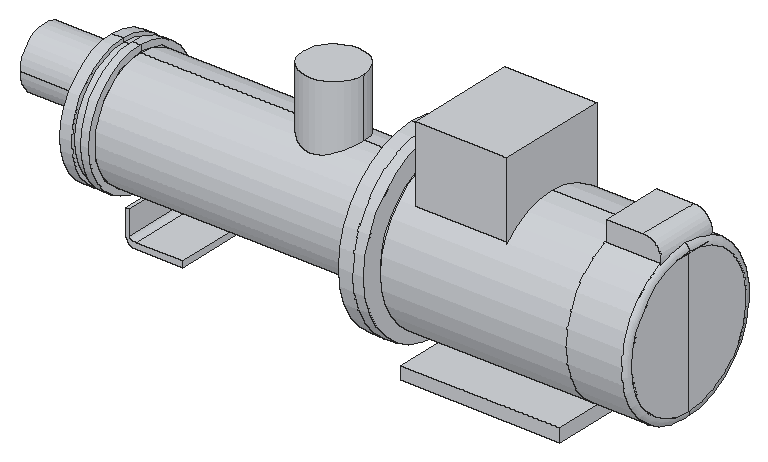
Revit family "Винтовой насос Бурун", category Оборудование, Revit 2020
Family settings
  Размер круглого соединителя = Использовать диаметр
  Классификация = Нет
  Тип детали = Нормальный
  На основе рабочей плоскости = Нет
  Всегда вертикально = Нет
  При загрузке вырезать с полостями = Нет
  Общий = Нет
  Точка расчета площади = Нет
Parameters
  Правое исполнение [instance] = yes
  Отметка по умолчанию = 0 mm
  Материал фильтроэлемента = Сталь 08X18H10T (AISI 321) Красная
  Материал аппарата = Сталь 08X18H10T (AISI 321) Синяя
  Левое исполнение [instance] = yes
  Изготовитель = "ООО \"НПК \"Акватроник\""
  ADSK_Примечание [instance] = ""
  ADSK_Позиция [instance] = "22"
  ADSK_Наименование = "Насос винтовой для осадка производительность 3,0 м3/ч, напор 40,0 м, N=0,75 кВт (1 рабочий и 1 резервный)"
  ADSK_Масса_Текст [instance] = "18"
  ADSK_Завод-изготовитель [instance] = "ООО \"НПК \"Акватроник\""
  ADSK_Единица измерения = "шт."
Reference planes
  plane 1 "По центру (Вперед/Назад)": y = 0
  plane 2: z = 250
  plane 3 "По центру (Влево/Вправо)": x = -117.856
  plane 4: z = 1700
  plane 5 "1б": y = 0
Forms (mm)
  Revolve 1, solid
    sketch origin (-2083, 0, -2604) x (1, 0, 0) y (0, 0, 1)
      loop
        line (1767.611, 2936.012) -> (1767.611, 2877.995) -> (1777.611, 2877.995) -> (1777.611, 2881.166) -> (1785.639, 2881.166) -> (1785.639, 2877.995) -> (1793.162, 2877.995) -> (1793.162, 2882.995) -> (1793.162, 2884.217) -> (2035.5, 2884.217) -> (2035.5, 2854.217) -> (2048.078, 2854.217) -> (2058.078, 2854.217) -> (2058.078, 2872.078) -> (2064.372, 2870.392) -> (2064.372, 2865.392) -> (2229.372, 2865.392) -> (2279.372, 2865.392)
        arc (2279.372, 2865.392) -> (2282.211, 2868.152) -> (2283.181, 2871.99) r 7.267
        line (2283.181, 2871.99) -> (2283.181, 2936.012) -> (1767.611, 2936.012)
      axis (1767.611, 2936.012) -> (2283.181, 2936.012)
    angle from 0 to 360
  Extrusion 2, solid
    sketch origin (-2083, 100, -2604) x (1, 0, 0) y (0, 0, 1)
      loop
        line (2078.172, 3053.864) -> (2078.172, 2959.742) -> (2160.193, 2959.742) -> (2160.193, 3053.864) -> (2078.172, 3053.864)
    from 49.652 to 149.203
  Extrusion 3, solid
    sketch origin (-2083, 100, -2604) x (1, 0, 0) y (0, 0, 1)
      loop
        line (2077.668, 2865.487) -> (2077.668, 2853.638) -> (2219.63, 2853.638) -> (2219.63, 2865.487) -> (2077.668, 2865.487)
    from 35.209 to 164.652
  Extrusion 4, solid
    sketch origin (-515.856, 0, -2641) x (0, 1, 0) y (0, 0, 1)
      loop
        circle (0, 2990.858) r 27
    from 139.954 to 210.468
  Extrusion 5, solid
    sketch origin (-2083, 50, -2604) x (1, 0, 0) y (0, 0, 1)
      loop
        line (2231.06, 2986.67) -> (2264.397, 2986.67)
        arc (2264.397, 2986.67) -> (2279.801, 3003.319) -> (2263.556, 3019.149) r 16.25
        line (2263.556, 3019.149) -> (2231.06, 3019.149) -> (2231.06, 2986.67)
    from 20.402 to 76.588
  Extrusion 6, solid
    sketch origin (-2153, 0, 384) x (1, 0, 0) y (0, 1, 0)
      loop
        circle (2035.5, 0) r 27
    from -12.598 to 51.981
  Extrusion 7, solid
    sketch origin (-2083, 100, -2605) x (1, 0, 0) y (0, 0, 1)
      loop
        line (1808.072, 2885.057) -> (1808.072, 2864.026)
        arc (1808.072, 2864.026) -> (1809.627, 2858.671) -> (1813.808, 2854.981) r 10
        line (1813.808, 2854.981) -> (1858.808, 2854.981) -> (1858.808, 2859.981) -> (1816.723, 2859.981)
        arc (1816.723, 2859.981) -> (1813.42, 2860.972) -> (1811.208, 2863.619) r 6
        line (1811.208, 2863.619) -> (1811.208, 2885.057) -> (1808.072, 2885.057)
    from 64.372 to 135
Dimensions and locks
  plane 4 to plane 2 = 1450 mm
  plane 4 to level = 1450 mm
  aligned and locked: level to plane 2
Connectors
  piping at (-375.902, 0, 349.858), diameter 50
    settings: on Extrusion 4, index 1, connector inside diameter 609.6 mm, connector length 0 mm, flow factor 0, pipe flow 0.0 L/s, pressure drop 0.0 Pa, fitting loss kfactor 0, connector angle 0.00°, fixture units 0, engagement length 0 mm, angle of deflection 0.00°, flow configuration 0, flow direction 0, fitting loss method 0, system type 7, joint type 0, gender type 0, connector reference index -1, connector utility 0, adjustable connector no, is connector primary yes, connector description ""
  piping at (-117.5, 0, 435.981), diameter 50
    settings: on Extrusion 6, index 2, connector inside diameter 609.6 mm, connector length 0 mm, flow factor 0, pipe flow 0.0 L/s, pressure drop 0.0 Pa, fitting loss kfactor 0, connector angle 0.00°, fixture units 0, engagement length 0 mm, angle of deflection 0.00°, flow configuration 0, flow direction 0, fitting loss method 0, system type 7, joint type 0, gender type 0, connector reference index -1, connector utility 0, adjustable connector no, is connector primary no, connector description ""
